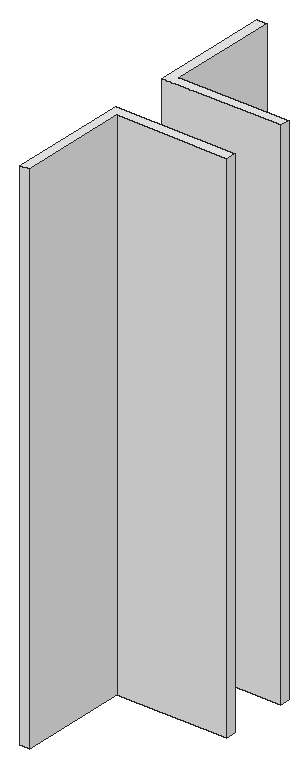
Revit family
Parameters (values of type "L102X102X7.9")
  Weld A Size [instance] = 8 mm
  웨브 두께 [instance] = 50 mm
  L [instance] = 445 mm
  Angle Size = M_L-각도-커넥터 : L102X102X7.9
Reference planes
  plane 1 "중심(앞/뒤)": y = 0
  plane 2: z = -445
  plane 3 "중심(왼쪽/오른쪽)": x = 0
  plane 4 "F": y = -25
  plane 5 "R": y = 25
  plane 6: z = 0
  plane 7: x = 12.7
  plane 8: y = 37.7
  plane 9: y = -37.7
Lines and regions (mm)
  model lines, style "용접", detail levels medium+fine
    curve 1: line (12.7, -25, 0) -> (102, -25, 0)
    curve 2: line (102, -25, 0) -> (102, -25, -445)
    curve 3: line (102, -25, -445) -> (12.7, -25, -445)
    curve 4: line (12.7, 25, 0) -> (102, 25, 0)
    curve 5: line (102, 25, 0) -> (102, 25, -445)
    curve 6: line (102, 25, -445) -> (12.7, 25, -445)
  model lines, style "용접"
    curve 7: line (0, 37.7, 0) -> (0, 127, 0)
    curve 8: line (0, 127, 0) -> (0, 127, -445)
    curve 9: line (0, 127, -445) -> (0, 37.7, -445)
    curve 10: line (0, -37.7, 0) -> (0, -127, 0)
    curve 11: line (0, -127, 0) -> (0, -127, -445)
    curve 12: line (0, -127, -445) -> (0, -37.7, -445)
Dimensions and locks
  "웨브 두께": plane 5 "R" to plane 4 "F"
  equal spacing: plane 5 "R", plane 1 "중심(앞/뒤)", plane 4 "F"
  "L": plane 6 to plane 2
  locked: plane 7 to plane 3 "중심(왼쪽/오른쪽)" at 12.7
  locked: level to plane 6 at 0
  locked: plane 8 to plane 5 "R" at 12.7
  locked: plane 4 "F" to plane 9 at 12.7
  aligned and locked: plane 3 "중심(왼쪽/오른쪽)" to nested 1
  aligned and locked: nested 1 to plane 5 "R"
  aligned and locked: nested 2 to plane 4 "F"
  aligned and locked: nested 2 to plane 3 "중심(왼쪽/오른쪽)"
  aligned and locked: plane 6 to curve 1
  aligned and locked: curve 2 to nested 1
  aligned and locked: nested 1 to curve 5
  aligned and locked: curve 6 to plane 2
  aligned and locked: plane 6 to curve 4
  aligned and locked: plane 7 to curve 1
  aligned and locked: plane 7 to curve 3
  aligned and locked: plane 7 to curve 6
  aligned and locked: plane 7 to curve 4
  aligned and locked: nested 2 to plane 6
  aligned and locked: nested 1 to plane 6
  aligned and locked: curve 7 to nested 1
  aligned and locked: curve 9 to nested 1
  aligned and locked: plane 9 to curve 10
  aligned and locked: level to curve 10
  aligned and locked: curve 11 to nested 2
  aligned and locked: curve 12 to nested 2
  aligned and locked: curve 8 to nested 1
Automatic sketch dimensions
  curve 3 to plane 2 = 0 mm
  curve 12 to plane 9 = 0 mm
  curve 7 to plane 8 = 0 mm
  curve 9 to plane 8 = 0 mm
Nested families
  nested 1: "M_L-각도-커넥터" at (0, 25, -445), type <- "Angle Size", L <- "L", type "L102X102X7.9", detail levels medium+fine
    with L 445 mm
  nested 2: "M_L-각도-커넥터" at (0, -25, -445), type <- "Angle Size", L <- "L", type "L102X102X7.9", detail levels medium+fine
    with L 445 mm
Definition of nested family "M_L-각도-커넥터"
  Parameters (values of type "L76X76X6.4")
    t = 6.4 mm
    d = 76.2 mm
    b = 76.2 mm
    W = 0.071
    L [instance] = 445 mm
    Assembly Code = ""
    A = 0.001 m²
  Types (125, lengths in mm): name | t | d | b | W | A
    L51X51X3.2 | 3.2 | 50.8 | 50.8 | 0.024 | 0.00 m²
    L51X51X4.8 | 4.8 | 50.8 | 50.8 | 0.036 | 0.00 m²
    L51X51X6.4 | 6.4 | 50.8 | 50.8 | 0.047 | 0.001 m²
    L51X51X7.9 | 7.9 | 50.8 | 50.8 | 0.058 | 0.001 m²
    L51X51X9.5 | 9.5 | 50.8 | 50.8 | 0.068 | 0.001 m²
    L64X51X4.8 | 4.8 | 63.5 | 50.8 | 0.041 | 0.001 m²
    L64X51X6.4 | 6.4 | 63.5 | 50.8 | 0.053 | 0.001 m²
    L64X51X7.9 | 7.9 | 63.5 | 50.8 | 0.066 | 0.001 m²
    L64X51X9.5 | 9.5 | 63.5 | 50.8 | 0.077 | 0.001 m²
    L64X64X4.8 | 4.8 | 63.5 | 63.5 | 0.045 | 0.001 m²
    L64X64X6.4 | 6.4 | 63.5 | 63.5 | 0.059 | 0.001 m²
    L64X64X7.9 | 7.9 | 63.5 | 63.5 | 0.073 | 0.001 m²
    L64X64X9.5 | 9.5 | 63.5 | 63.5 | 0.086 | 0.001 m²
    L64X64X12.7 | 12.7 | 63.5 | 63.5 | 0.112 | 0.001 m²
    L76X51X4.8 | 4.8 | 76.2 | 50.8 | 0.046 | 0.001 m²
    L76X51X6.4 | 6.4 | 76.2 | 50.8 | 0.06 | 0.001 m²
    L76X51X7.9 | 7.9 | 76.2 | 50.8 | 0.073 | 0.001 m²
    L76X51X9.5 | 9.5 | 76.2 | 50.8 | 0.087 | 0.001 m²
    L76X51X12.7 | 12.7 | 76.2 | 50.8 | 0.112 | 0.001 m²
    L76X64X4.8 | 4.8 | 76.2 | 63.5 | 0.05 | 0.001 m²
    L76X64X6.4 | 6.4 | 76.2 | 63.5 | 0.066 | 0.001 m²
    L76X64X7.9 | 7.9 | 76.2 | 63.5 | 0.081 | 0.001 m²
    L76X64X9.5 | 9.5 | 76.2 | 63.5 | 0.096 | 0.001 m²
    L76X64X11.1 | 11.1 | 76.2 | 63.5 | 0.11 | 0.001 m²
    L76X64X12.7 | 12.7 | 76.2 | 63.5 | 0.124 | 0.002 m²
    L76X76X4.8 | 4.8 | 76.2 | 76.2 | 0.054 | 0.001 m²
    L76X76X6.4 | 6.4 | 76.2 | 76.2 | 0.071 | 0.001 m²
    L76X76X7.9 | 7.9 | 76.2 | 76.2 | 0.088 | 0.001 m²
    L76X76X9.5 | 9.5 | 76.2 | 76.2 | 0.105 | 0.001 m²
    L76X76X11.1 | 11.1 | 76.2 | 76.2 | 0.121 | 0.002 m²
    L76X76X12.7 | 12.7 | 76.2 | 76.2 | 0.136 | 0.002 m²
    L89X64X6.4 | 6.4 | 88.9 | 63.5 | 0.072 | 0.001 m²
    L89X64X7.9 | 7.9 | 88.9 | 63.5 | 0.089 | 0.001 m²
    L89X64X9.5 | 9.5 | 88.9 | 63.5 | 0.105 | 0.001 m²
    L89X64X12.7 | 12.7 | 88.9 | 63.5 | 0.137 | 0.002 m²
    L89X76X6.4 | 6.4 | 88.9 | 76.2 | 0.079 | 0.001 m²
    L89X76X7.9 | 7.9 | 88.9 | 76.2 | 0.097 | 0.001 m²
    L89X76X9.5 | 9.5 | 88.9 | 76.2 | 0.115 | 0.001 m²
    L89X76X11.1 | 11.1 | 88.9 | 76.2 | 0.133 | 0.002 m²
    L89X76X12.7 | 12.7 | 88.9 | 76.2 | 0.15 | 0.002 m²
    L89X89X6.4 | 6.4 | 88.9 | 88.9 | 0.085 | 0.001 m²
    L89X89X7.9 | 7.9 | 88.9 | 88.9 | 0.105 | 0.001 m²
    L89X89X9.5 | 9.5 | 88.9 | 88.9 | 0.124 | 0.002 m²
    L89X89X11.1 | 11.1 | 88.9 | 88.9 | 0.143 | 0.002 m²
    L89X89X12.7 | 12.7 | 88.9 | 88.9 | 0.162 | 0.002 m²
    L102X76X6.4 | 6.4 | 102 | 76.2 | 0.084 | 0.001 m²
    L102X76X7.9 | 7.9 | 102 | 76.2 | 0.104 | 0.001 m²
    L102X76X9.5 | 9.5 | 102 | 76.2 | 0.124 | 0.002 m²
    L102X76X12.7 | 12.7 | 102 | 76.2 | 0.162 | 0.002 m²
    L102X76X15.9 | 15.9 | 102 | 76.2 | 0.198 | 0.003 m²
    L102X89X6.4 | 6.4 | 102 | 88.9 | 0.09 | 0.001 m²
    L102X89X7.9 | 7.9 | 102 | 88.9 | 0.112 | 0.001 m²
    L102X89X9.5 | 9.5 | 102 | 88.9 | 0.133 | 0.002 m²
    L102X89X12.7 | 12.7 | 102 | 88.9 | 0.174 | 0.002 m²
    L102X102X6.4 | 6.4 | 102 | 102 | 0.096 | 0.001 m²
    L102X102X7.9 | 7.9 | 102 | 102 | 0.119 | 0.002 m²
    L102X102X9.5 | 9.5 | 102 | 102 | 0.142 | 0.002 m²
    L102X102X11.1 | 11.1 | 102 | 102 | 0.164 | 0.002 m²
    L102X102X12.7 | 12.7 | 102 | 102 | 0.186 | 0.002 m²
    L102X102X15.9 | 15.9 | 102 | 102 | 0.229 | 0.003 m²
    L102X102X19 | 19.1 | 102 | 102 | 0.27 | 0.004 m²
    L127X76X6.4 | 6.4 | 127 | 76.2 | 0.096 | 0.001 m²
    L127X76X7.9 | 7.9 | 127 | 76.2 | 0.119 | 0.002 m²
    L127X76X9.5 | 9.5 | 127 | 76.2 | 0.142 | 0.002 m²
    L127X76X11.1 | 11.1 | 127 | 76.2 | 0.164 | 0.002 m²
    L127X76X12.7 | 12.7 | 127 | 76.2 | 0.186 | 0.002 m²
    L127X89X6.4 | 6.4 | 127 | 88.9 | 0.103 | 0.001 m²
    L127X89X7.9 | 7.9 | 127 | 88.9 | 0.127 | 0.002 m²
    L127X89X9.5 | 9.5 | 127 | 88.9 | 0.151 | 0.002 m²
    L127X89X12.7 | 12.7 | 127 | 88.9 | 0.199 | 0.003 m²
    L127X89X15.9 | 15.9 | 127 | 88.9 | 0.245 | 0.003 m²
    L127X89X19 | 19.1 | 127 | 88.9 | 0.289 | 0.004 m²
    L127X127X7.9 | 7.9 | 127 | 127 | 0.152 | 0.002 m²
    L127X127X9.5 | 9.5 | 127 | 127 | 0.181 | 0.002 m²
    L127X127X11.1 | 11.1 | 127 | 127 | 0.21 | 0.003 m²
    L127X127X12.7 | 12.7 | 127 | 127 | 0.238 | 0.003 m²
    L127X127X15.9 | 15.9 | 127 | 127 | 0.293 | 0.004 m²
    L127X127X19 | 19.1 | 127 | 127 | 0.346 | 0.005 m²
    L127X127X22.2 | 22.2 | 127 | 127 | 0.398 | 0.005 m²
    L152X89X7.9 | 7.9 | 152 | 88.9 | 0.143 | 0.002 m²
    L152X89X9.5 | 9.5 | 152 | 88.9 | 0.171 | 0.002 m²
    L152X89X12.7 | 12.7 | 152 | 88.9 | 0.224 | 0.003 m²
    L152X102X7.9 | 7.9 | 152 | 102 | 0.15 | 0.002 m²
    L152X102X9.5 | 9.5 | 152 | 102 | 0.179 | 0.002 m²
    L152X102X11.1 | 11.1 | 152 | 102 | 0.208 | 0.003 m²
    L152X102X12.7 | 12.7 | 152 | 102 | 0.236 | 0.003 m²
    L152X102X14.3 | 14.3 | 152 | 102 | 0.264 | 0.003 m²
    L152X102X15.9 | 15.9 | 152 | 102 | 0.291 | 0.004 m²
    L152X102X19 | 19.1 | 152 | 102 | 0.344 | 0.004 m²
    L152X102X22.2 | 22.2 | 152 | 102 | 0.396 | 0.005 m²
    L152X152X7.9 | 7.9 | 152 | 152 | 0.182 | 0.002 m²
    L152X152X9.5 | 9.5 | 152 | 152 | 0.217 | 0.003 m²
    L152X152X11.1 | 11.1 | 152 | 152 | 0.252 | 0.003 m²
    L152X152X12.7 | 12.7 | 152 | 152 | 0.287 | 0.004 m²
    L152X152X14.3 | 14.3 | 152 | 152 | 0.32 | 0.004 m²
    L152X152X15.9 | 15.9 | 152 | 152 | 0.354 | 0.005 m²
    L152X152X19 | 19.1 | 152 | 152 | 0.42 | 0.005 m²
    L152X152X22.2 | 22.2 | 152 | 152 | 0.484 | 0.006 m²
    L152X152X25.4 | 25.4 | 152 | 152 | 0.547 | 0.007 m²
    L178X102X9.5 | 9.5 | 178 | 102 | 0.199 | 0.003 m²
    L178X102X11.1 | 11.1 | 178 | 102 | 0.23 | 0.003 m²
    L178X102X12.7 | 12.7 | 178 | 102 | 0.261 | 0.003 m²
    L178X102X15.9 | 15.9 | 178 | 102 | 0.323 | 0.004 m²
    L178X102X19 | 19.1 | 178 | 102 | 0.382 | 0.005 m²
    L203X102X11.1 | 11.1 | 203 | 102 | 0.254 | 0.003 m²
    L203X102X12.7 | 12.7 | 203 | 102 | 0.288 | 0.004 m²
    L203X102X14.3 | 14.3 | 203 | 102 | 0.322 | 0.004 m²
    L203X102X15.9 | 15.9 | 203 | 102 | 0.356 | 0.005 m²
    L203X102X19 | 19.1 | 203 | 102 | 0.422 | 0.005 m²
    L203X102X22.2 | 22.2 | 203 | 102 | 0.486 | 0.006 m²
    L203X102X25.4 | 25.4 | 203 | 102 | 0.549 | 0.007 m²
    L203X152X11.1 | 11.1 | 203 | 152 | 0.297 | 0.004 m²
    L203X152X12.7 | 12.7 | 203 | 152 | 0.338 | 0.004 m²
    L203X152X14.3 | 14.3 | 203 | 152 | 0.378 | 0.005 m²
    L203X152X15.9 | 15.9 | 203 | 152 | 0.418 | 0.005 m²
    L203X152X19 | 19.1 | 203 | 152 | 0.496 | 0.006 m²
    L203X152X22.2 | 22.2 | 203 | 152 | 0.573 | 0.007 m²
    L203X152X25.4 | 25.4 | 203 | 152 | 0.648 | 0.008 m²
    L203X203X12.7 | 12.7 | 203 | 203 | 0.389 | 0.005 m²
    L203X203X14.3 | 14.3 | 203 | 203 | 0.435 | 0.006 m²
    L203X203X15.9 | 15.9 | 203 | 203 | 0.481 | 0.006 m²
    L203X203X19 | 19.1 | 203 | 203 | 0.572 | 0.007 m²
    L203X203X22.2 | 22.2 | 203 | 203 | 0.661 | 0.009 m²
    L203X203X25.4 | 25.4 | 203 | 203 | 0.749 | 0.01 m²
    L203X203X28.6 | 28.6 | 203 | 203 | 0.835 | 0.011 m²
  Reference planes
    plane 1 "중심(앞/뒤)": y = 0
    plane 2: z = 0
    plane 3 "중심(왼쪽/오른쪽)": x = 0
    plane 4: z = 445
  Forms (mm)
    Sweep 1, solid, material "금속 - 스틸 - ASTM A572 - 경사 50"
      path origin (0, 0, 0) x (1, 0, 0) y (0, 0, 1)
        loop
          line (0, 445) -> (0, 0)
      profile "L-각도-프로파일-중간 : L-각도-프로파일-중간" origin (0, 0, 222.5) x (1, 0, 0) y (0, -1, 0)
        loop
          line (0, -76.2) -> (6.4, -76.2) -> (6.4, -6.4) -> (76.2, -6.4) -> (76.2, 0) -> (0, 0) -> (0, -76.2)
  Dimensions and locks
    "L": plane 4 to plane 2
    aligned and locked: plane 4 to Sweep 1 sketch curve
    aligned and locked: Sweep 1 sketch curve to plane 3 "중심(왼쪽/오른쪽)"
    aligned and locked: plane 2 to Sweep 1 sketch curve
